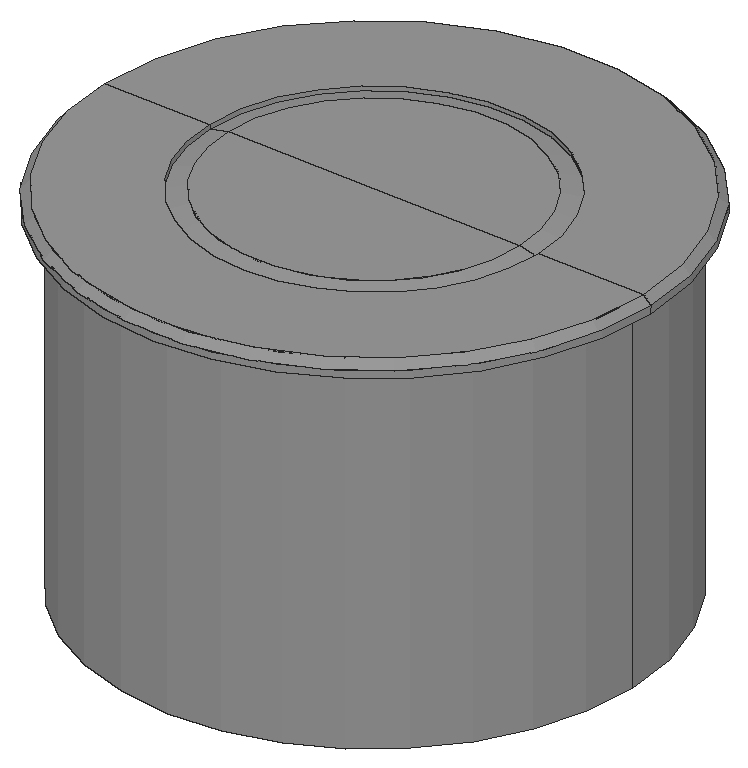
Revit family "4068704 Sylvania Lighting Fixture PATHE WALL ROUND3 241LM LED 3K", category Lighting Fixtures, host Face, Revit 2016
Family settings
  Host = Face
  Part Type = Normal
  Round Connector Dimension = Use Diameter
  OmniClass Number = 23.80.70.00
  OmniClass Title = Lighting
  Cut with Voids When Loaded = No
  Light Source = Yes
  Shared = No
  Room Calculation Point = No
Parameters (values of type "4068704 PATHE/W/R3 241LM LED 3K")
  Weight = "1.105 kg"
  Wattage Comments = ""
  Wattage = 5 W
  WarrantyStartDate [instance] = "n/a"
  WarrantyGuarantorParts = "n/a"
  WarrantyDurationUnit = "n/a"
  WarrantyDurationParts = "n/a"
  WarrantyDescription = "n/a"
  built-in parameter 1150110 = 1 (stored number, unit not read)
  Voltage = 0 V
  URL = "http://www.sylvania-lighting.com"
  TypeName = "PATHE/WALL/ROUND3 241LM LED 3K"
  Type Image = <None>
  Type Comments = "n/a"
  built-in parameter 1114217 = 1 (stored number, unit not read)
  Tilt Angle = 90.00°
  built-in parameter 1150109 = 1 (stored number, unit not read)
  built-in parameter 1150134 = (empty or 0)
  built-in parameter 1150113 = 1 (stored number, unit not read)
  SerialNumber [instance] = "n/a"
  Radius_SYL = 74 mm
  RadiusDiffuser_SYL = 44 mm
  Photometric Web File = "4068704.ies"
  Material_3_SYL = Inside_Sylvania_Pathe_Black
  PowerFactor = 0
  PowerConsumption = "5 W"
  NominalLength = 148 mm
  NominalHeight = 93 mm
  NominalDepth = 0 mm
  Name = "PATHE/WALL/ROUND3 241LM LED 3K"
  ModelReference = Name  # "PATHE/WALL/ROUND3 241LM LED 3K"
  ModelNumber = "4068704"
  Model = Name  # "PATHE/WALL/ROUND3 241LM LED 3K"
  Material = "corrosion resistant anodized aluminum housing, tempered safety glass diffuser"
  ManufacturerName = "Feilo Sylvania"
  Manufacturer = "Feilo Sylvania"
  LuminousEfficacy = "48.2 lm/W"
  built-in parameter 1150105 = 19.178 (stored number, unit not read)
  Lumens = 241 lm
  LuminaireType = ""
  built-in parameter 1150115 = 1 (stored number, unit not read)
  LightOutputRatio = "100"
  built-in parameter 1150137 = (empty or 0)
  built-in parameter 1150139 = (empty or 0)
  LampsType = Lamp  # "LED"
  LampNominalLuminous = "241 lm"
  LampMacAdamStep = "n/a"
  LampColourTemperature = "3000 K"
  LampColourRenderingIndex = "80"
  built-in parameter 1150112 = 1 (stored number, unit not read)
  built-in parameter 1150114 = 1 (stored number, unit not read)
  Lamp = "LED"
  Keynote = "16500"
  InstallationDate [instance] = "n/a"
  InputVoltage = "n/a"
  InputNominalFrequency = "n/a"
  built-in parameter 1150132 = (empty or 0)
  built-in parameter 1150102 = (empty or 0)
  built-in parameter 1150107 = 3000 (stored number, unit not read)
  built-in parameter 1150138 = (empty or 0)
  IngressProtection = "IP67"
  ImpactProtectionIndex = "IK10"
  built-in parameter 1150106 = 0.19178 (stored number, unit not read)
  IfcExportType = "IfcLightFixtureType"
  IfcExportAs = "IfcLightFixtureType"
  HieghtTop_SYL = 2.3 mm
  ExpectedLife = 50000
  Emit from Circle Diameter = RadiusDiffuser_SYL * 2  # 88 mm
  Emit Shape Visible in Rendering = no
  ElectricShockClassification = "Class I"
  built-in parameter 1150104 = 4.4779 (stored number, unit not read)
  DurationUnit = "hours"
  DocumentationLiterature = "http://www.sylvania-lighting.com/product/en-int/products/4068704"
  DimmingControlOptions = "n/a"
  Material_2_SYL = LED-Sylvania
  Dimming Lamp Color Temperature Shift = <None>
  Description = "Round recessed wall luminaireCorrosion resistant anodized aluminum, 241lm, 5W, 48lm/W, 3000K, CRI80+, non dimmable, IP67, IK10, (ØxD) Ø148x93mm, 3 step MacAdam ellipse, class I, 220-240, A++ A+ A"
  Default Elevation = 1219.2 mm
  CreatedOn = "9/21/2018"
  CreatedBy = "@sylvania-lighting.com"
  Cost = 0
  Color Filter = 16777215
  built-in parameter 1114216 [instance] = (empty or 0)
  ClassificationValue = "EF_70_80"
  ClassificationName = "Uniclass2015"
  Material_1_SYL = Aluminum 6061 T6 80 Hot Formed
  ChamferTop_SYL = 2 mm
  ChamferDiffuserTop_SYL = 5 mm
  ChamferDiffuserSide_SYL = 1 mm
  BarCode [instance] = "n/a"
  built-in parameter 1114218 = 1 (stored number, unit not read)
  built-in parameter 1150133 = 10 (stored number, unit not read)
  AssetType = "Fixed"
  AssetIdentifier [instance] = "n/a"
  Assembly Code = "D5020200"
  Apparent Load = 5 VA
  Material_4_SYL = Polycarbonate, Clear
Reference planes
  plane 1 "Center (Front/Back)": y = 0
  plane 2: z = 0
  plane 3 "Center (Left/Right)": x = 0
  plane 4: x = -40
  plane 5: x = -74
  plane 6: z = -93
  plane 7: x = -44
  plane 8: z = 2.3
  plane 9: x = -72
  plane 10: z = -36
  plane 11: z = -29.5
  plane 12: x = -39
  plane 13: z = 1.3
  plane 14: z = 0.3
  plane 15: x = -55.75
  plane 16: x = -25
  plane 17: z = -12
  plane 18: x = -27.5
  plane 19: z = -11
  plane 20: x = -24
  plane 21: z = -15
  plane 22: x = -69
  plane 23: z = -1.5
Forms (mm)
  Revolve 1, solid, material "Aluminum 6061 T6 80 Hot Formed" <- "Material_1_SYL"
    sketch origin (0, 0, 0) x (1, 0, 0) y (0, 0, 1)
      loop
        line (-72, 2.3) -> (-74, 0.3) -> (-74, -1.5) -> (-69, -1.5) -> (-69, -93) -> (0, -93) -> (0, -15) -> (-55.75, -15) -> (-55.75, 0) -> (-44, 0) -> (-44, 2.3) -> (-72, 2.3)
      axis (0, 2.3) -> (0, -93)
    angle from 360 to 0
  Revolve 2, solid, material "LED-Sylvania" <- "Material_2_SYL"
    sketch origin (0, 0, 0) x (1, 0, 0) y (0, 0, 1)
      loop
        line (-44, 1.3) -> (-44, 0) -> (0, 0) -> (0, 2.3) -> (-39, 2.3) -> (-44, 1.3)
      axis (0, 2.3) -> (0, 0)
    angle from 360 to 0
  Revolve 3, void
    sketch origin (0, 0, 0) x (1, 0, 0) y (0, 0, 1)
      loop
        line (0, -93) -> (0, 0) -> (-74, 0) -> (-74, -93) -> (0, -93)
      axis (0, 0) -> (0, -93)
    angle from 360 to 0
Cuts and joins
  Revolve 3 cuts Revolve 2
Lines and regions (mm)
  reference lines
    curve 1: line (0, 0, -12) -> (0, -11.75, -12)
Dimensions and locks
  locked: plane 2 to plane 6 at 93
  locked: plane 3 "Center (Left/Right)" to plane 4 at 40
  "Radius_SYL": plane 3 "Center (Left/Right)" to plane 5
  "RadiusDiffuser_SYL": plane 3 "Center (Left/Right)" to plane 7
  "ChamferTop_SYL": plane 9 to plane 5
  "ChamferDiffuserSide_SYL": plane 8 to plane 13
  "ChamferDiffuserTop_SYL": plane 12 to plane 7
  "ChamferTop_SYL": plane 8 to plane 14
  "HieghtTop_SYL": plane 8 to plane 2
  locked: plane 15 to plane 5 at 18.25
  locked: plane 3 "Center (Left/Right)" to plane 16 at 25
  locked: plane 18 to plane 16 at 2.5
  locked: plane 16 to plane 20 at 1
  locked: plane 19 to plane 17 at 1
  locked: host face to plane 21 at 15
  locked: plane 17 to plane 21 at 3
  locked: plane 3 "Center (Left/Right)" to plane 22 at 69
  plane 2 to plane 23 = 1.5 mm
  aligned and locked: plane 2 to host face
  aligned and locked: level to host face
  aligned and locked: plane 8 to Revolve 1 sketch curve
  aligned and locked: Revolve 1 sketch curve to plane 3 "Center (Left/Right)"
  aligned and locked: level to Revolve 1 sketch curve
  aligned and locked: plane 7 to Revolve 1 sketch curve
  aligned and locked: plane 8 to Revolve 2 sketch curve
  aligned and locked: Revolve 2 sketch curve to plane 3 "Center (Left/Right)"  (x2)
  aligned and locked: Revolve 1 to Revolve 2 sketch curve
  aligned and locked: plane 12 to Revolve 2 sketch curve
  aligned and locked: plane 7 to Revolve 2 sketch curve
  aligned and locked: plane 13 to Revolve 2 sketch curve
  aligned and locked: imposter light to plane 8
  aligned and locked: imposter light to plane 1 "Center (Front/Back)"
  aligned and locked: plane 3 "Center (Left/Right)" to imposter light
  aligned and locked: plane 9 to Revolve 1 sketch curve
  aligned and locked: plane 6 to Revolve 1 sketch curve
  aligned and locked: Revolve 3 sketch curve to plane 3 "Center (Left/Right)"  (x2)
  aligned and locked: Revolve 3 sketch curve to Revolve 1
  aligned and locked: Revolve 3 sketch curve to level
  aligned and locked: plane 5 to Revolve 3 sketch curve
  aligned and locked: plane 15 to Revolve 1 sketch curve
  aligned and locked: plane 3 "Center (Left/Right)" to curve 1
  aligned and locked: Revolve 1 sketch curve to plane 5
  aligned and locked: plane 22 to Revolve 1 sketch curve  (x2)
  aligned and locked: plane 23 to Revolve 1 sketch curve
  aligned and locked: Revolve 1 sketch curve to Revolve 1 sketch curve
Automatic sketch dimensions
  host sketch curve to host sketch curve = 2438.4 mm  (x2)
  plane 6 to Revolve 2 sketch curve = 534.6 mm
  Revolve 2 sketch curve to Revolve 2 sketch curve = 2607.058 mm
  plane 6 to Revolve 3 sketch curve = 534.6 mm
  Revolve 3 sketch curve to plane 8 = 2607.058 mm
  plane 1 "Center (Front/Back)" to curve 1 = 0 mm
  curve 1 to curve 1 = 11.75 mm
  Revolve 1 sketch curve to plane 21 = 0 mm
  Revolve 1 sketch curve to plane 14 = 0 mm
  plane 6 to Revolve 1 sketch curve = 534.6 mm
  Revolve 1 sketch curve to plane 8 = 2607.058 mm
Connectors
  electrical at (0, 0, 0), driven by "Apparent Load", driven by "PowerFactor", driven by "Voltage"
    settings: index 1, voltage 0 V, apparent load 5 VA, apparent load phase1 0 VA, apparent load phase2 0 VA, apparent load phase3 0 VA, power factor 0, load classification "Lighting", number of poles 1, system type 30, power factor state 1, is connector primary yes, connector utility no, sub classification motor no, connector description ""
